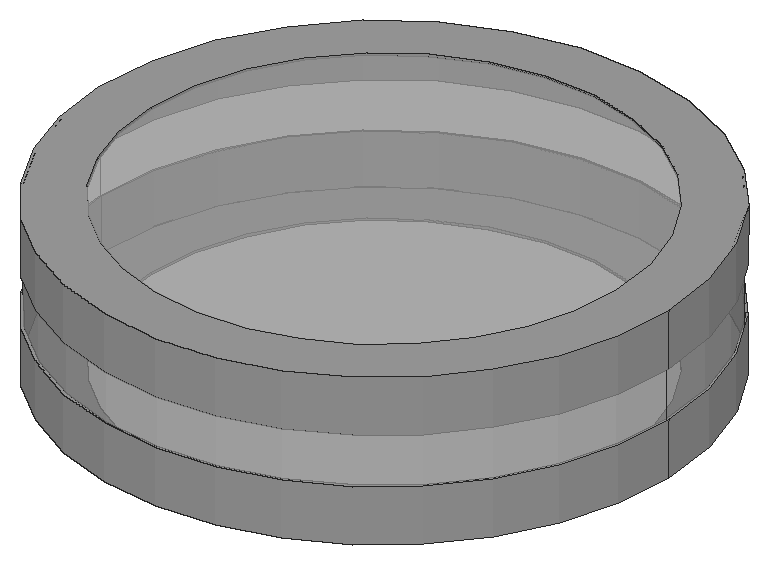
Revit family
Parameters (values of type "JURBA DL-218O")
  built-in parameter 1150105 = 160.75 (stored number, unit not read)
  Dimming Lamp Color Temperature Shift = (empty or 0)
  built-in parameter 1150139 = (empty or 0)
  built-in parameter 1150133 = 10 (stored number, unit not read)
  built-in parameter 1150109 = 1 (stored number, unit not read)
  built-in parameter 1114218 = 1 (stored number, unit not read)
  built-in parameter 1150110 = 1 (stored number, unit not read)
  built-in parameter 1150112 = 1 (stored number, unit not read)
  built-in parameter 1150113 = 1 (stored number, unit not read)
  Lumens = 2020 lm
  Light Source Symbol Size = 100 mm
  Manufacturer = "KANLUX"  # constant formula
  built-in parameter 1150107 = 2800 (stored number, unit not read)
  Keynote = "08980"
  Apparent Load = 36 VA
  built-in parameter 1150106 = 1.6075 (stored number, unit not read)
  Model = "JURBA DL-218O"
  Wattage = 36.0007 W
  built-in parameter 1150137 = (empty or 0)
  built-in parameter 1150132 = (empty or 0)
  Materiał klosza = klosz
  Materiał obudowy = obudowa
  built-in parameter 1150138 = (empty or 0)
  built-in parameter 1150134 = 4
  built-in parameter 1150102 = (empty or 0)
  Color Filter = 16777215
  Emit from Circle Diameter = 233 mm
  Emit Shape Visible in Rendering = no
  built-in parameter 1150104 = 5.2128 (stored number, unit not read)
  Default Elevation = 75 mm
  built-in parameter 1150115 = 1 (stored number, unit not read)
  built-in parameter 1150114 = 1 (stored number, unit not read)
  built-in parameter 1114217 = 1 (stored number, unit not read)
Reference planes
  plane 1 "Środek (Przód/Tył)": y = 0
  plane 2: z = 0
  plane 3 "Środek (Lewa/Prawa)": x = 0
  plane 4 "rzędna": z = -75
  plane 5: z = 0
  plane 6: x = -142.5
  plane 7: x = 142.5
  plane 8: y = 142.5
  plane 9: y = -142.5
  plane 10: z = -49
  plane 11: y = -116.5
  plane 12: z = -26
Forms (mm)
  Extrusion 1, solid, not visible
    sketch origin (0, 0, 0) x (1, 0, 0) y (0, 1, 0)
      loop
        line (-1219.2, 1219.2) -> (-1219.2, -1219.2) -> (1219.2, -1219.2) -> (1219.2, 1219.2) -> (-1219.2, 1219.2)
    from 0 to 304.8
  Sweep 2, solid, material "obudowa" <- "Materiał obudowy"
    path origin (-1129.177, -4572, -75) x (-1, 0, 0) y (0, -1, 0)
      loop
        circle (-1129.177, -4572) r 142.5
    profile origin (0, -142.5, -75) x (0, 1, 0) y (0, 0, 1)
      loop
        line (0, 26) -> (0, 0) -> (26, 0) -> (26, 1) -> (1, 1) -> (1, 26) -> (0, 26)
  Sweep 3, solid, material "obudowa" <- "Materiał obudowy"
    path origin (-689.471, -4572, 0) x (-1, 0, 0) y (0, -1, 0)
      loop
        circle (-689.471, -4572) r 142.5
    profile origin (0, -142.5, 0) x (0, 1, 0) y (0, 0, 1)
      loop
        line (26, 0) -> (0, 0) -> (0, -26) -> (1, -26) -> (1, -1) -> (26, -1) -> (26, 0)
  Extrusion 4, solid, material "klosz" <- "Materiał klosza"
    sketch origin (-1129.177, -4572, -75) x (-1, 0, 0) y (0, -1, 0)
      loop
        circle (-1129.177, -4572) r 141.5
    from 1 to 74
Dimensions and locks
  "Default Elevation": level to plane 4 "rzędna"
  locked: plane 5 to plane 4 "rzędna" at 75
  equal spacing: plane 6, plane 3 "Środek (Lewa/Prawa)", plane 7
  locked: plane 6 to plane 7 at 285
  equal spacing: plane 9, plane 1 "Środek (Przód/Tył)", plane 8
  locked: plane 9 to plane 8 at 285
  locked: plane 10 to plane 4 "rzędna" at 26
  locked: plane 9 to plane 11 at 26
  locked: plane 5 to plane 12 at 26
  aligned and locked: plane 2 to Extrusion 1
  aligned and locked: level to Extrusion 1
  aligned and locked: Sweep 2 sketch curve to plane 10
  aligned and locked: profile plane to Sweep 2 sketch curve
  aligned and locked: Sweep 2 sketch curve to plane 11
  aligned and locked: Sweep 2 sketch curve to plane 4 "rzędna"
  aligned and locked: profile plane to Sweep 3 sketch curve  (x2)
  aligned and locked: Sweep 3 sketch curve to plane 11
  aligned and locked: Sweep 3 sketch curve to plane 12
  aligned and locked: plane 10 to imposter light
Automatic sketch dimensions
  Extrusion 1 sketch curve to Extrusion 1 sketch curve = 2438.4 mm  (x2)
  plane 1 "Środek (Przód/Tył)" to Sweep 2 sketch curve = 0 mm
  Sweep 2 sketch curve to plane 3 "Środek (Lewa/Prawa)" = 0 mm
  Sweep 2 sketch curve to profile plane = 1 mm
  Sweep 2 sketch curve to Sweep 2 sketch curve = 1 mm
  plane 1 "Środek (Przód/Tył)" to Sweep 3 sketch curve = 0 mm
  Sweep 3 sketch curve to plane 3 "Środek (Lewa/Prawa)" = 0 mm
  Sweep 3 sketch curve to profile plane = 1 mm
  Sweep 3 sketch curve to Sweep 3 sketch curve = 1 mm
  plane 1 "Środek (Przód/Tył)" to Extrusion 4 sketch curve = 0 mm
  Extrusion 4 sketch curve to plane 3 "Środek (Lewa/Prawa)" = 0 mm
  radius of Sweep 2 sketch curve = 142.5 mm
  radius of Sweep 3 sketch curve = 142.5 mm
  radius of Extrusion 4 sketch curve = 141.5 mm
Connectors
  electrical at (0, 0, 0), driven by "Apparent Load"
    settings: on plane 5, index 1
